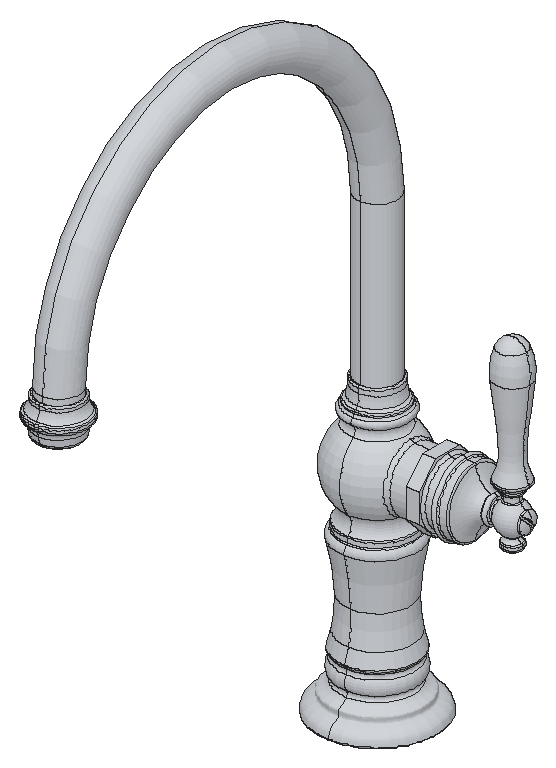
Revit family "Faucet-Kitchen_Sink-KOHLER-Artifacts-K-99263", category Plumbing Fixtures, host Face, Revit 2015
Parameters (values of type "CP-Polished Chrome")
  Width = 4 9/16"  # constant formula
  Waste Water Outlet = "Waste Water Outlet"  # constant formula
  Waste Connection = no
  Vent Connection = no
  URL = "https://www.us.kohler.com/us/"
  Type = 1
  Spout Reach = 8 1/2"  # constant formula
  Product Page URL = "http://www.us.kohler.com/us/catalog/productDetails.jsp?productNumber=99263"
  Product Name = "Artifacts"  # constant formula
  Product Documentation Link = "http://www.us.kohler.com/onlinecatalog/pdf/K-99263_spec.pdf"
  Pressure = 60.00 psi  # constant formula
  Model = if(Type = 1, "K-99263-CP", if(Type = 2, "K-99263-SN", if(Type = 3, "K-99263-VS", if(Type = 4, "K-99263-2BZ", "NA"))))  # "K-99263-CP"
  Material = "Premium Metal Construction"  # constant formula
  MasterFormat 2004 = "22.41.39"  # constant formula
  MasterFormat 1995 = "15410"  # constant formula
  Manufacturer Address = "444 Highland Dr, Kohler, WI 53044"  # constant formula
  Manufacturer = "KOHLER Co."  # constant formula
  Length = 10 7/16"  # constant formula
  Hot Water Inlet = "Hot Water Inlet"  # constant formula
  Height = 14 5/8"  # constant formula
  HW Connection = yes
  Flow Rate = 1.5 GPM  # constant formula
  Finish = Kohler-Metal-CP-Polished_Chrome
  Faucet Hole Spacing = 0"
  Environmental Product Declaration = ""
  Description = "Single-handle kitchen sink faucet with 14-11/16inch swing spout, Arc spout design"  # constant formula
  Default Elevation = 36"
  Declare Label = ""
  Date Modified = "02/15/2018"  # constant formula
  Date Created = "02/15/2018"  # constant formula
  Copyright = "Copyright KOHLER Co."  # constant formula
  Contact Us = "https://www.us.kohler.com/us/static/contact.jsp"
  Cold Water Inlet = "Cold Water Inlet"  # constant formula
  CW Connection = yes
  Assembly Code = "D2020"
  ADA Compliant = yes
Types (5): name | Type | Model | Finish
  (no name) | 1 | "K-99263-CP" | Kohler-Metal-CP-Polished_Chrome
  CP-Polished Chrome | 1 | "K-99263-CP" | Kohler-Metal-CP-Polished_Chrome
  SN-Vibrant Polished Nickel | 2 | "K-99263-SN" | Kohler-Metal-SN-Vibrant_Polished_Nickel
  VS-Vibrant Stainless | 3 | "K-99263-VS" | Kohler-Metal-VS-Vibrant_Stainless
  2BZ-Oil Rubbed Bronze | 4 | "K-99263-2BZ" | Kohler-Metal-2BZ-Oil_Rubbed_Bronze
Reference planes (in)
  plane 1 "Center (Front/Back)": y = 0
  plane 2: z = 0
  plane 3 "Center (Left/Right)": x = 0
  plane 4: y = 1.29905
  plane 5: y = -9.13845
  plane 6: x = -1.29905
  plane 7: x = 3.26345
  plane 8: z = 14.625
  plane 9: y = -8.5
Dimensions and locks (in)
  "Length": plane 5 to plane 4
  "Width": plane 6 to plane 7
  "Height": plane 8 to level
  "Spout Reach": plane 1 "Center (Front/Back)" to plane 9
  aligned and locked: plane 2 to host face
  aligned and locked: level to host face
Automatic sketch dimensions
  host sketch curve to host sketch curve = 96"  (x2)
Nested families (in)
  nested 1: "K-99263" at (0, 0, 0), type "K-99263"
Connectors (in)
  piping at (-0.41119, 0, 0), diameter 0.375, driven by "Flow Rate", driven by "Pressure", driven by "HW Connection", driven by "Hot Water Inlet"
    settings: on nested 1, index 1, connector inside diameter 24", connector length 0", flow factor 0, pipe flow 1.5 GPM, pressure drop 60.00 psi, fitting loss kfactor 0, connector angle 0.00°, fixture units 0, engagement length 0", angle of deflection 0.00°, flow configuration 1, flow direction 1, fitting loss method 4, system type 19, joint type 0, gender type 0, connector reference index -1, connector utility 1, adjustable connector no, is connector primary yes, connector description "Hot Water Inlet"
  piping at (0.41119, 0, 0), diameter 0.375, driven by "Flow Rate", driven by "Pressure", driven by "CW Connection", driven by "Cold Water Inlet"
    settings: on nested 1, index 2, connector inside diameter 24", connector length 0", flow factor 0, pipe flow 1.5 GPM, pressure drop 60.00 psi, fitting loss kfactor 0, connector angle 0.00°, fixture units 0, engagement length 0", angle of deflection 0.00°, flow configuration 1, flow direction 1, fitting loss method 4, system type 20, joint type 0, gender type 0, connector reference index -1, connector utility 1, adjustable connector no, is connector primary no, connector description "Cold Water Inlet"
Definition of nested family "K-99263"
  Parameters (values of type "K-99263")
    Material = none
  Reference planes (in)
    plane 1 "Center (Front/Back)": y = 0
    plane 2: z = 0
    plane 3 "Center (Left/Right)": x = 0
  Forms (in)
    Revolve 1, solid, material <- "Material"
      sketch origin (0, 0.00056, 0.56138) x (0, 1, 0) y (0, 0, 1)
        loop
          line (-8.03006, 9.23919) -> (-8.50056, 9.23919) -> (-8.50056, 8.47279) -> (-8.12571, 8.47279) -> (-8.12571, 8.43413) -> (-8.06191, 8.43413)
          arc (-8.06191, 8.43413) -> (-8.04662, 8.4368) -> (-8.03313, 8.44447) r 0.04523
          arc (-8.03313, 8.44447) -> (-8.01593, 8.46373) -> (-8.00528, 8.48727) r 0.08519
          arc (-8.00528, 8.48727) -> (-7.98898, 8.55914) -> (-7.97985, 8.63227) r 0.74608
          arc (-7.97985, 8.63227) -> (-7.94798, 8.72556) -> (-7.8747, 8.79151) r 0.19588
          arc (-7.8747, 8.79151) -> (-7.86254, 8.80287) -> (-7.85805, 8.8189) r 0.03086
          line (-7.85805, 8.8189) -> (-7.85805, 8.88279)
          arc (-7.85805, 8.88279) -> (-7.86268, 8.89725) -> (-7.87484, 8.90633) r 0.02489
          arc (-7.87484, 8.90633) -> (-7.89974, 8.91858) -> (-7.92081, 8.93663) r 0.1107
          arc (-7.92081, 8.93663) -> (-7.98141, 9.03492) -> (-8.00256, 9.14845) r 0.31528
          line (-8.00256, 9.14845) -> (-8.00256, 9.21168)
          arc (-8.00256, 9.21168) -> (-8.01062, 9.23113) -> (-8.03006, 9.23919) r 0.02751
        axis (-8.50056, 9.23919) -> (-8.50056, 8.43413)
      angle from 0 to 360
    Revolve 2, solid, material <- "Material"
      sketch origin (0, 0, 0.5581) x (0, 1, 0) y (0, 0, 1)
        loop
          line (0, -0.5581) -> (1.26696, -0.5581)
          arc (1.26696, -0.5581) -> (1.28555, -0.55607) -> (1.29905, -0.54314) r 0.02908
          spline (1.29905, -0.54314) -> (1.2826, -0.44526) -> (1.25921, -0.39412) -> (1.21437, -0.34417) -> (1.16097, -0.30361) -> (1.09645, -0.27203) -> (1.04234, -0.2496) -> (1.01889, -0.19977) -> (1.02834, -0.13279) -> (0.99826, -0.08729) -> (0.93782, -0.0555) -> (0.87895, -0.02012) -> (0.81751, 0.05375)
          arc (0.81751, 0.05375) -> (0.79358, 0.11584) -> (0.8238, 0.17513) r 0.08167
          arc (0.8238, 0.17513) -> (0.87083, 0.32997) -> (0.82122, 0.48399) r 0.27093
          arc (0.82122, 0.48399) -> (0.80153, 0.53999) -> (0.81828, 0.59693) r 0.09666
          line (0.81828, 0.59693) -> (0.85179, 0.64611)
          arc (0.85179, 0.64611) -> (0.85755, 0.66098) -> (0.85614, 0.67687) r 0.03514
          arc (0.85614, 0.67687) -> (0.80917, 0.83438) -> (0.77106, 0.99427) r 2.94557
          arc (0.77106, 0.99427) -> (0.71971, 1.34296) -> (0.71038, 1.6953) r 2.94557
          arc (0.71038, 1.6953) -> (0.76125, 2.24626) -> (0.8763, 2.78747) r 4.7161
          arc (0.8763, 2.78747) -> (0.87038, 2.88745) -> (0.80483, 2.96317) r 0.15578
          arc (0.80483, 2.96317) -> (0.79412, 2.97398) -> (0.7902, 2.98869) r 0.02958
          line (0.7902, 2.98869) -> (0.7902, 3.08368)
          arc (0.7902, 3.08368) -> (0.78702, 3.09903) -> (0.77799, 3.11185) r 0.03862
          arc (0.77799, 3.11185) -> (0.68786, 3.30549) -> (0.75673, 3.50767) r 0.28649
          arc (0.75673, 3.50767) -> (0.9957, 4.24505) -> (0.63745, 4.93243) r 1.00256
          arc (0.63745, 4.93243) -> (0.5827, 5.06058) -> (0.65474, 5.17987) r 0.15279
          arc (0.65474, 5.17987) -> (0.69341, 5.25429) -> (0.64633, 5.3237) r 0.08189
          arc (0.64633, 5.3237) -> (0.61961, 5.34716) -> (0.60967, 5.3813) r 0.06358
          line (0.60967, 5.3813) -> (0.60967, 5.41519)
          arc (0.60967, 5.41519) -> (0.60295, 5.43371) -> (0.58592, 5.44361) r 0.02887
          arc (0.58592, 5.44361) -> (0.54724, 5.46322) -> (0.52572, 5.50086) r 0.07554
          arc (0.52572, 5.50086) -> (0.50632, 5.61313) -> (0.49982, 5.72688) r 0.99892
          line (0.49982, 5.72688) -> (0.49982, 5.8333)
          arc (0.49982, 5.8333) -> (0.49144, 5.85352) -> (0.47122, 5.8619) r 0.0286
          line (0.47122, 5.8619) -> (0, 5.8619) -> (0, -0.5581)
        axis (0, 5.8619) -> (0, -0.5581)
      angle from 0 to 360
    Revolve 3, solid, material <- "Material"
      sketch origin (-5.75, 0, 0.5581) x (1, 0, 0) y (0, 0, 1)
        loop
          line (8.8324, 4.38765) -> (8.8324, 4.16407) -> (9.02944, 4.16407)
          arc (9.02944, 4.16407) -> (9.01381, 4.28) -> (8.96805, 4.38765) r 0.43789
          line (8.96805, 4.38765) -> (8.8324, 4.38765)
        loop
          line (6.42396, 4.88858) -> (6.42396, 4.16407) -> (8.2952, 4.16407) -> (8.35506, 4.16407) -> (8.35506, 4.36668) -> (8.2952, 4.36668) -> (8.2952, 4.41507)
          arc (8.2952, 4.41507) -> (8.25611, 4.46064) -> (8.20101, 4.43682) r 0.05061
          arc (8.20101, 4.43682) -> (8.18891, 4.42741) -> (8.17411, 4.42346) r 0.03855
          spline (8.17411, 4.42346) -> (8.12376, 4.4409) -> (8.07838, 4.4663) -> (8.04319, 4.49009) -> (8.01652, 4.51776) -> (7.98897, 4.55038) -> (7.96525, 4.58125) -> (7.94262, 4.61738) -> (7.92367, 4.65405) -> (7.90456, 4.69556) -> (7.88346, 4.74406) -> (7.86613, 4.79403) -> (7.84432, 4.88261)
          arc (7.84432, 4.88261) -> (7.8399, 4.90014) -> (7.82526, 4.91073) r 0.02642
          line (7.82526, 4.91073) -> (7.66085, 4.91073)
          arc (7.66085, 4.91073) -> (7.64387, 4.91446) -> (7.63214, 4.92731) r 0.02877
          arc (7.63214, 4.92731) -> (7.57954, 4.96094) -> (7.52694, 4.92731) r 0.05795
          line (7.52694, 4.92731) -> (7.52694, 4.83635) -> (7.31436, 4.84378)
          arc (7.31436, 4.84378) -> (7.27214, 4.86257) -> (7.25483, 4.90542) r 0.06168
          line (7.25483, 4.90542) -> (7.25483, 5.01325) -> (6.98058, 5.01325) -> (6.98058, 4.83062) -> (6.55537, 4.84547)
          arc (6.55537, 4.84547) -> (6.48661, 4.85769) -> (6.42396, 4.88858) r 0.24838
        axis (6.42396, 4.16407) -> (9.02944, 4.16407)
      angle from 0 to 360
    Revolve 4, solid, material <- "Material"
      sketch origin (-5.76563, 0, 0.5581) x (1, 0, 0) y (0, 0, 1)
        loop
          line (8.64982, 4.8849) -> (8.64982, 7.6079)
          arc (8.64982, 7.6079) -> (8.47033, 7.54846) -> (8.35309, 7.40012) r 0.32937
          arc (8.35309, 7.40012) -> (8.27703, 7.11266) -> (8.27092, 6.81538) r 1.25185
          spline (8.27092, 6.81538) -> (8.30118, 6.53354) -> (8.33234, 6.28131) -> (8.36055, 6.08106) -> (8.38202, 5.93763) -> (8.39317, 5.83741) -> (8.39843, 5.74169) -> (8.40801, 5.61052) -> (8.4127, 5.51168) -> (8.41944, 5.37863) -> (8.41019, 5.25029) -> (8.39267, 5.13344) -> (8.30022, 4.8849)
          arc (8.30022, 4.8849) -> (8.28998, 4.86182) -> (8.29606, 4.83731) r 0.03892
          arc (8.29606, 4.83731) -> (8.35122, 4.7758) -> (8.42274, 4.73441) r 0.2632
          line (8.42274, 4.73441) -> (8.42274, 4.68049)
          arc (8.42274, 4.68049) -> (8.42839, 4.66603) -> (8.44233, 4.65922) r 0.02134
          arc (8.44233, 4.65922) -> (8.47164, 4.64715) -> (8.4886, 4.62037) r 0.05228
          arc (8.4886, 4.62037) -> (8.49878, 4.55965) -> (8.49791, 4.49809) r 0.34202
          arc (8.49791, 4.49809) -> (8.49131, 4.47952) -> (8.47695, 4.46601) r 0.04191
          arc (8.47695, 4.46601) -> (8.30018, 4.1492) -> (8.49918, 3.84586) r 0.35004
          arc (8.49918, 3.84586) -> (8.51709, 3.83072) -> (8.5253, 3.80875) r 0.04633
          arc (8.5253, 3.80875) -> (8.5084, 3.74342) -> (8.45303, 3.70485) r 0.09716
          arc (8.45303, 3.70485) -> (8.4399, 3.6962) -> (8.43482, 3.68132) r 0.02431
          line (8.43482, 3.68132) -> (8.43482, 3.61971)
          arc (8.43482, 3.61971) -> (8.43983, 3.60549) -> (8.45264, 3.59755) r 0.02268
          arc (8.45264, 3.59755) -> (8.47178, 3.59129) -> (8.48929, 3.58136) r 0.10079
          arc (8.48929, 3.58136) -> (8.51717, 3.55995) -> (8.54331, 3.53644) r 0.45307
          arc (8.54331, 3.53644) -> (8.56853, 3.51394) -> (8.59557, 3.49369) r 0.39479
          arc (8.59557, 3.49369) -> (8.62143, 3.48119) -> (8.64982, 3.4769) r 0.09607
          line (8.64982, 3.4769) -> (8.64982, 4.8849)
        axis (8.64982, 7.6079) -> (8.64982, 3.4769)
      angle from 0 to 360
    Sweep 5, solid, material <- "Material"
      path origin (-5.79599, 0.00355, 0.55818) x (0, 1, 0) y (0, 0, 1)
        loop
          line (-0.00355, 5.73151) -> (-0.00355, 9.36779)
          arc (-0.00355, 9.36779) -> (-4.25355, 13.61779) -> (-8.50355, 9.36779) r 4.25
          line (-8.50355, 9.36779) -> (-8.50355, 9.05143)
      profile origin (-5.79599, 0, 8.10783) x (0, -1, 0) y (1, 0, 0)
        loop
          circle (0.00405, 5.79599) r 0.4375
    Extrusion 6, void
      sketch origin (0, 0, 0) x (0, 1, 0) y (0, 0, 1)
        loop
          line (0.2504, 4.51379) -> (-0.20099, 4.96518) -> (-0.24518, 4.92099) -> (0.20621, 4.4696) -> (0.2504, 4.51379)
      from 3.1998 to 3.29872
    Extrusion 7, void
      sketch origin (0, 0, 0) x (0, 1, 0) y (0, 0, 1)
        loop
          line (-0.31205, 5.47335) -> (-0.75335, 5.03205) -> (-0.75335, 4.40795) -> (-0.31205, 3.96665) -> (0.31205, 3.96665) -> (0.75335, 4.40795) -> (0.75335, 5.03205) -> (0.31205, 5.47335) -> (-0.31205, 5.47335)
        loop
          circle (0, 4.72218) r 0.90225
      from 1.1939 to 1.5365
    Extrusion 8, solid, material <- "Material", detail levels medium+fine
      sketch origin (0, 0, 0) x (1, 0, 0) y (0, 1, 0)
        loop
          circle (0.41119, 0) r 0.1875
        loop
          circle (-0.41119, 0) r 0.1875
      from 0 to 0.06661
  Cuts and joins
    Extrusion 6, Extrusion 7 cuts Revolve 3
    joined: Revolve 1, Revolve 2, Revolve 4, Sweep 5
  Lines and regions (in)
    Masking region 1
      outline origin (0, 0, 0) x (1, 0, 0) y (0, 0, 1)
        loop
          line (-0.4375, 9.80056) -> (-0.47049, 9.80056)
          arc (-0.47049, 9.80056) -> (-0.48994, 9.79251) -> (-0.498, 9.77306) r 0.02751
          line (-0.498, 9.77306) -> (-0.498, 9.70982)
          arc (-0.498, 9.70982) -> (-0.51915, 9.5963) -> (-0.57975, 9.49801) r 0.31528
          arc (-0.57975, 9.49801) -> (-0.60082, 9.47995) -> (-0.62572, 9.4677) r 0.1107
          arc (-0.62572, 9.4677) -> (-0.63788, 9.45862) -> (-0.64251, 9.44417) r 0.02489
          line (-0.64251, 9.44417) -> (-0.64251, 9.38028)
          arc (-0.64251, 9.38028) -> (-0.63802, 9.36425) -> (-0.62586, 9.35288) r 0.03086
          arc (-0.62586, 9.35288) -> (-0.55258, 9.28693) -> (-0.52071, 9.19365) r 0.19588
          arc (-0.52071, 9.19365) -> (-0.51158, 9.12051) -> (-0.49527, 9.04864) r 0.74608
          arc (-0.49527, 9.04864) -> (-0.48463, 9.02511) -> (-0.46743, 9.00584) r 0.08519
          arc (-0.46743, 9.00584) -> (-0.45394, 8.99817) -> (-0.43865, 8.99551) r 0.04523
          line (-0.43865, 8.99551) -> (-0.43865, 6.42) -> (-0.47122, 6.42)
          arc (-0.47122, 6.42) -> (-0.49144, 6.41162) -> (-0.49982, 6.3914) r 0.0286
          line (-0.49982, 6.3914) -> (-0.49982, 6.28498)
          arc (-0.49982, 6.28498) -> (-0.50632, 6.17123) -> (-0.52572, 6.05897) r 0.99892
          arc (-0.52572, 6.05897) -> (-0.54724, 6.02132) -> (-0.58592, 6.00171) r 0.07554
          arc (-0.58592, 6.00171) -> (-0.60295, 5.99182) -> (-0.60967, 5.9733) r 0.02887
          line (-0.60967, 5.9733) -> (-0.60967, 5.9394)
          arc (-0.60967, 5.9394) -> (-0.61961, 5.90527) -> (-0.64633, 5.8818) r 0.06358
          arc (-0.64633, 5.8818) -> (-0.69341, 5.81239) -> (-0.65474, 5.73797) r 0.08189
          arc (-0.65474, 5.73797) -> (-0.5827, 5.61868) -> (-0.63745, 5.49054) r 0.15279
          arc (-0.63745, 5.49054) -> (-0.9957, 4.80315) -> (-0.75673, 4.06577) r 1.00256
          arc (-0.75673, 4.06577) -> (-0.68786, 3.86359) -> (-0.77799, 3.66995) r 0.28649
          arc (-0.77799, 3.66995) -> (-0.78702, 3.65713) -> (-0.7902, 3.64178) r 0.03862
          line (-0.7902, 3.64178) -> (-0.7902, 3.5468)
          arc (-0.7902, 3.5468) -> (-0.79412, 3.53209) -> (-0.80483, 3.52127) r 0.02958
          arc (-0.80483, 3.52127) -> (-0.87038, 3.44556) -> (-0.8763, 3.34558) r 0.15578
          arc (-0.8763, 3.34558) -> (-0.76125, 2.80437) -> (-0.71038, 2.25341) r 4.7161
          arc (-0.71038, 2.25341) -> (-0.71971, 1.90107) -> (-0.77106, 1.55237) r 2.94557
          arc (-0.77106, 1.55237) -> (-0.80917, 1.39249) -> (-0.85614, 1.23498) r 2.94557
          arc (-0.85614, 1.23498) -> (-0.85755, 1.21909) -> (-0.85179, 1.20421) r 0.03514
          line (-0.85179, 1.20421) -> (-0.81828, 1.15504)
          arc (-0.81828, 1.15504) -> (-0.80153, 1.09809) -> (-0.82122, 1.0421) r 0.09666
          arc (-0.82122, 1.0421) -> (-0.87083, 0.88807) -> (-0.8238, 0.73324) r 0.27093
          arc (-0.8238, 0.73324) -> (-0.79358, 0.67395) -> (-0.81751, 0.61185) r 0.08167
          spline (-0.81751, 0.61185) -> (-0.87895, 0.53798) -> (-0.93782, 0.5026) -> (-0.99826, 0.47081) -> (-1.02834, 0.42531) -> (-1.01889, 0.35833) -> (-1.04234, 0.3085) -> (-1.09645, 0.28607) -> (-1.16097, 0.25449) -> (-1.21437, 0.21393) -> (-1.25921, 0.16399) -> (-1.2826, 0.11285) -> (-1.29905, 0.01496)
          arc (-1.29905, 0.01496) -> (-1.28555, 0.00204) -> (-1.26696, 0) r 0.02908
          line (-1.26696, 0) -> (1.26696, 0)
          arc (1.26696, 0) -> (1.28555, 0.00204) -> (1.29905, 0.01496) r 0.02908
          spline (1.29905, 0.01496) -> (1.2826, 0.11285) -> (1.25921, 0.16399) -> (1.21437, 0.21393) -> (1.16097, 0.25449) -> (1.09645, 0.28607) -> (1.04234, 0.3085) -> (1.01889, 0.35833) -> (1.02834, 0.42531) -> (0.99826, 0.47081) -> (0.93782, 0.5026) -> (0.87895, 0.53798) -> (0.81751, 0.61185)
          arc (0.81751, 0.61185) -> (0.79358, 0.67395) -> (0.8238, 0.73324) r 0.08167
          arc (0.8238, 0.73324) -> (0.87083, 0.88807) -> (0.82122, 1.0421) r 0.27093
          arc (0.82122, 1.0421) -> (0.80153, 1.09809) -> (0.81828, 1.15504) r 0.09666
          line (0.81828, 1.15504) -> (0.85179, 1.20421)
          arc (0.85179, 1.20421) -> (0.85755, 1.21909) -> (0.85614, 1.23498) r 0.03514
          arc (0.85614, 1.23498) -> (0.80917, 1.39249) -> (0.77106, 1.55237) r 2.94557
          arc (0.77106, 1.55237) -> (0.71971, 1.90107) -> (0.71038, 2.25341) r 2.94557
          arc (0.71038, 2.25341) -> (0.76125, 2.80437) -> (0.8763, 3.34558) r 4.7161
          arc (0.8763, 3.34558) -> (0.87038, 3.44556) -> (0.80483, 3.52127) r 0.15578
          arc (0.80483, 3.52127) -> (0.79412, 3.53209) -> (0.7902, 3.5468) r 0.02958
          line (0.7902, 3.5468) -> (0.7902, 3.64178)
          arc (0.7902, 3.64178) -> (0.78702, 3.65713) -> (0.77799, 3.66995) r 0.03862
          arc (0.77799, 3.66995) -> (0.69027, 3.83886) -> (0.72774, 4.02546) r 0.28649
          arc (0.72774, 4.02546) -> (0.76594, 4.03623) -> (0.80537, 4.04078) r 0.24838
          line (0.80537, 4.04078) -> (1.23058, 4.05563) -> (1.23058, 3.96612) -> (1.50661, 3.96612)
          arc (1.50661, 3.96612) -> (1.51732, 4.01803) -> (1.56436, 4.04247) r 0.06168
          line (1.56436, 4.04247) -> (1.77694, 4.04989) -> (1.77694, 3.95894)
          arc (1.77694, 3.95894) -> (1.82954, 3.92531) -> (1.88214, 3.95894) r 0.05795
          arc (1.88214, 3.95894) -> (1.89387, 3.97178) -> (1.91085, 3.97552) r 0.02877
          line (1.91085, 3.97552) -> (2.07526, 3.97552)
          arc (2.07526, 3.97552) -> (2.0899, 3.98611) -> (2.09432, 4.00364) r 0.02642
          spline (2.09432, 4.00364) -> (2.11613, 4.09222) -> (2.13346, 4.14218) -> (2.15456, 4.19068) -> (2.17367, 4.2322) -> (2.19262, 4.26887) -> (2.21525, 4.305) -> (2.23897, 4.33586) -> (2.26652, 4.36848) -> (2.29319, 4.39616) -> (2.32838, 4.41995) -> (2.37376, 4.44534) -> (2.42411, 4.46279)
          arc (2.42411, 4.46279) -> (2.43891, 4.45883) -> (2.45101, 4.44943) r 0.03855
          arc (2.45101, 4.44943) -> (2.50611, 4.4256) -> (2.5452, 4.47117) r 0.05061
          line (2.5452, 4.47117) -> (2.5452, 4.51957) -> (2.59729, 4.51957)
          arc (2.59729, 4.51957) -> (2.65792, 4.45292) -> (2.73355, 4.40396) r 0.35004
          arc (2.73355, 4.40396) -> (2.75147, 4.38882) -> (2.75968, 4.36685) r 0.04633
          arc (2.75968, 4.36685) -> (2.74278, 4.30152) -> (2.68741, 4.26296) r 0.09716
          arc (2.68741, 4.26296) -> (2.67428, 4.2543) -> (2.6692, 4.23942) r 0.02431
          line (2.6692, 4.23942) -> (2.6692, 4.17781)
          arc (2.6692, 4.17781) -> (2.6742, 4.16359) -> (2.68702, 4.15565) r 0.02268
          arc (2.68702, 4.15565) -> (2.70615, 4.1494) -> (2.72366, 4.13947) r 0.10079
          arc (2.72366, 4.13947) -> (2.75155, 4.11805) -> (2.77769, 4.09454) r 0.45307
          arc (2.77769, 4.09454) -> (2.8029, 4.07205) -> (2.82995, 4.05179) r 0.39479
          arc (2.82995, 4.05179) -> (2.8558, 4.0393) -> (2.8842, 4.03501) r 0.09607
          arc (2.8842, 4.03501) -> (2.91259, 4.0393) -> (2.93845, 4.05179) r 0.09607
          arc (2.93845, 4.05179) -> (2.96549, 4.07205) -> (2.9907, 4.09454) r 0.39479
          arc (2.9907, 4.09454) -> (3.01685, 4.11805) -> (3.04473, 4.13947) r 0.45307
          arc (3.04473, 4.13947) -> (3.06224, 4.1494) -> (3.08137, 4.15565) r 0.10079
          arc (3.08137, 4.15565) -> (3.09419, 4.16359) -> (3.0992, 4.17781) r 0.02268
          line (3.0992, 4.17781) -> (3.0992, 4.23942)
          arc (3.0992, 4.23942) -> (3.09411, 4.2543) -> (3.08099, 4.26296) r 0.02431
          arc (3.08099, 4.26296) -> (3.02562, 4.30152) -> (3.00872, 4.36685) r 0.09716
          arc (3.00872, 4.36685) -> (3.01692, 4.38882) -> (3.03484, 4.40396) r 0.04633
          arc (3.03484, 4.40396) -> (3.1003, 4.44461) -> (3.15527, 4.49859) r 0.35004
          line (3.15527, 4.49859) -> (3.21805, 4.49859)
          arc (3.21805, 4.49859) -> (3.26381, 4.60625) -> (3.27944, 4.72218) r 0.43789
          arc (3.27944, 4.72218) -> (3.26381, 4.8381) -> (3.21805, 4.94576) r 0.43789
          line (3.21805, 4.94576) -> (3.1514, 4.94576)
          arc (3.1514, 4.94576) -> (3.10769, 4.9891) -> (3.05707, 5.02412) r 0.35004
          arc (3.05707, 5.02412) -> (3.04271, 5.03762) -> (3.03611, 5.05619) r 0.04191
          arc (3.03611, 5.05619) -> (3.03524, 5.11775) -> (3.04542, 5.17847) r 0.34202
          arc (3.04542, 5.17847) -> (3.06238, 5.20526) -> (3.09169, 5.21732) r 0.05228
          arc (3.09169, 5.21732) -> (3.10563, 5.22413) -> (3.11128, 5.23859) r 0.02134
          line (3.11128, 5.23859) -> (3.11128, 5.29252)
          arc (3.11128, 5.29252) -> (3.1828, 5.3339) -> (3.23796, 5.39542) r 0.2632
          arc (3.23796, 5.39542) -> (3.24404, 5.41992) -> (3.2338, 5.443) r 0.03892
          spline (3.2338, 5.443) -> (3.14135, 5.69154) -> (3.12383, 5.8084) -> (3.11458, 5.93674) -> (3.12131, 6.06978) -> (3.12601, 6.16862) -> (3.13559, 6.2998) -> (3.14085, 6.39551) -> (3.152, 6.49574) -> (3.17347, 6.63916) -> (3.20168, 6.83941) -> (3.23283, 7.09165) -> (3.2631, 7.37348)
          arc (3.2631, 7.37348) -> (3.25698, 7.67077) -> (3.18093, 7.95822) r 1.25185
          arc (3.18093, 7.95822) -> (3.06369, 8.10657) -> (2.8842, 8.166) r 0.32937
          arc (2.8842, 8.166) -> (2.7047, 8.10657) -> (2.58746, 7.95822) r 0.32937
          arc (2.58746, 7.95822) -> (2.51141, 7.67077) -> (2.5053, 7.37348) r 1.25185
          spline (2.5053, 7.37348) -> (2.53556, 7.09165) -> (2.56671, 6.83941) -> (2.59493, 6.63916) -> (2.6164, 6.49574) -> (2.62754, 6.39551) -> (2.6328, 6.2998) -> (2.64238, 6.16862) -> (2.64708, 6.06978) -> (2.65381, 5.93674) -> (2.64456, 5.8084) -> (2.62704, 5.69154) -> (2.5346, 5.443)
          arc (2.5346, 5.443) -> (2.52436, 5.41992) -> (2.53043, 5.39542) r 0.03892
          arc (2.53043, 5.39542) -> (2.5856, 5.3339) -> (2.65712, 5.29252) r 0.2632
          line (2.65712, 5.29252) -> (2.65712, 5.23859)
          arc (2.65712, 5.23859) -> (2.66276, 5.22413) -> (2.6767, 5.21732) r 0.02134
          arc (2.6767, 5.21732) -> (2.70602, 5.20526) -> (2.72297, 5.17847) r 0.05228
          arc (2.72297, 5.17847) -> (2.73315, 5.11775) -> (2.73229, 5.05619) r 0.34202
          arc (2.73229, 5.05619) -> (2.72568, 5.03762) -> (2.71132, 5.02412) r 0.04191
          arc (2.71132, 5.02412) -> (2.65062, 4.9804) -> (2.6006, 4.92478) r 0.35004
          line (2.6006, 4.92478) -> (2.5452, 4.92478) -> (2.5452, 4.97318)
          arc (2.5452, 4.97318) -> (2.50611, 5.01875) -> (2.45101, 4.99492) r 0.05061
          arc (2.45101, 4.99492) -> (2.43891, 4.98552) -> (2.42411, 4.98156) r 0.03855
          spline (2.42411, 4.98156) -> (2.37376, 4.99901) -> (2.32838, 5.0244) -> (2.29319, 5.04819) -> (2.26652, 5.07587) -> (2.23897, 5.10849) -> (2.21525, 5.13935) -> (2.19262, 5.17548) -> (2.17367, 5.21215) -> (2.15456, 5.25367) -> (2.13346, 5.30217) -> (2.11613, 5.35213) -> (2.09432, 5.44071)
          arc (2.09432, 5.44071) -> (2.0899, 5.45824) -> (2.07526, 5.46883) r 0.02642
          line (2.07526, 5.46883) -> (1.91085, 5.46883)
          arc (1.91085, 5.46883) -> (1.89387, 5.47257) -> (1.88214, 5.48541) r 0.02877
          arc (1.88214, 5.48541) -> (1.82954, 5.51904) -> (1.77694, 5.48541) r 0.05795
          line (1.77694, 5.48541) -> (1.77694, 5.39446) -> (1.56436, 5.40188)
          arc (1.56436, 5.40188) -> (1.51886, 5.42436) -> (1.50562, 5.47335) r 0.06168
          line (1.50562, 5.47335) -> (1.23058, 5.47335) -> (1.23058, 5.38872) -> (0.80537, 5.40357)
          arc (0.80537, 5.40357) -> (0.75423, 5.41073) -> (0.70568, 5.4283) r 0.24838
          arc (0.70568, 5.4283) -> (0.67229, 5.4602) -> (0.63745, 5.49054) r 1.00256
          arc (0.63745, 5.49054) -> (0.5827, 5.61868) -> (0.65474, 5.73797) r 0.15279
          arc (0.65474, 5.73797) -> (0.69341, 5.81239) -> (0.64633, 5.8818) r 0.08189
          arc (0.64633, 5.8818) -> (0.61961, 5.90527) -> (0.60967, 5.9394) r 0.06358
          line (0.60967, 5.9394) -> (0.60967, 5.9733)
          arc (0.60967, 5.9733) -> (0.60295, 5.99182) -> (0.58592, 6.00171) r 0.02887
          arc (0.58592, 6.00171) -> (0.54724, 6.02132) -> (0.52572, 6.05897) r 0.07554
          arc (0.52572, 6.05897) -> (0.50632, 6.17123) -> (0.49982, 6.28498) r 0.99892
          line (0.49982, 6.28498) -> (0.49982, 6.3914)
          arc (0.49982, 6.3914) -> (0.49144, 6.41162) -> (0.47122, 6.42) r 0.0286
          line (0.47122, 6.42) -> (0.43865, 6.42) -> (0.43865, 8.99551)
          arc (0.43865, 8.99551) -> (0.45394, 8.99817) -> (0.46743, 9.00584) r 0.04523
          arc (0.46743, 9.00584) -> (0.48463, 9.02511) -> (0.49527, 9.04864) r 0.08519
          arc (0.49527, 9.04864) -> (0.51158, 9.12051) -> (0.52071, 9.19365) r 0.74608
          arc (0.52071, 9.19365) -> (0.55258, 9.28693) -> (0.62586, 9.35288) r 0.19588
          arc (0.62586, 9.35288) -> (0.63802, 9.36425) -> (0.64251, 9.38028) r 0.03086
          line (0.64251, 9.38028) -> (0.64251, 9.44417)
          arc (0.64251, 9.44417) -> (0.63788, 9.45862) -> (0.62572, 9.4677) r 0.02489
          arc (0.62572, 9.4677) -> (0.60082, 9.47995) -> (0.57975, 9.49801) r 0.1107
          arc (0.57975, 9.49801) -> (0.51915, 9.5963) -> (0.498, 9.70982) r 0.31528
          line (0.498, 9.70982) -> (0.498, 9.77306)
          arc (0.498, 9.77306) -> (0.48994, 9.79251) -> (0.47049, 9.80056) r 0.02751
          line (0.47049, 9.80056) -> (0.4375, 9.80056) -> (0.4375, 14.17186)
          arc (0.4375, 14.17186) -> (0, 14.60936) -> (-0.4375, 14.17186) r 0.4375
          line (-0.4375, 14.17186) -> (-0.4375, 9.80056)
    Masking region 2
      outline origin (0, 0, 0) x (1, 0, 0) y (0, 1, 0)
        loop
          line (-0.4376, -1.22313) -> (-0.4376, -8.02485)
          arc (-0.4376, -8.02485) -> (0, -9.13895) -> (0.4376, -8.02485) r 0.64299
          line (0.4376, -8.02485) -> (0.4376, -1.22313)
          arc (0.4376, -1.22313) -> (0.82253, -1.00548) -> (1.11215, -0.67131) r 1.29905
          line (1.11215, -0.67131) -> (1.23058, -0.66655) -> (1.23058, -0.75335) -> (1.50492, -0.75335)
          arc (1.50492, -0.75335) -> (1.51665, -0.70392) -> (1.56159, -0.68021) r 0.06145
          line (1.56159, -0.68021) -> (1.77694, -0.67196) -> (1.77694, -0.76324)
          arc (1.77694, -0.76324) -> (1.82954, -0.79683) -> (1.88214, -0.76324) r 0.05798
          arc (1.88214, -0.76324) -> (1.89387, -0.7504) -> (1.91085, -0.74666) r 0.02881
          line (1.91085, -0.74666) -> (2.07526, -0.74666)
          arc (2.07526, -0.74666) -> (2.08996, -0.7361) -> (2.09432, -0.71854) r 0.0262
          spline (2.09432, -0.71854) -> (2.14803, -0.57184) -> (2.17767, -0.49317) -> (2.19199, -0.4586) -> (2.19973, -0.44424) -> (2.20889, -0.42937) -> (2.22364, -0.40861) -> (2.24683, -0.38134) -> (2.27583, -0.35078) -> (2.30221, -0.32416) -> (2.32221, -0.30611) -> (2.3545, -0.28845) -> (2.42411, -0.25939)
          arc (2.42411, -0.25939) -> (2.43991, -0.26343) -> (2.45209, -0.27427) r 0.03451
          arc (2.45209, -0.27427) -> (2.50699, -0.29603) -> (2.5452, -0.251) r 0.05065
          line (2.5452, -0.251) -> (2.5452, -0.18304)
          arc (2.5452, -0.18304) -> (2.85949, -0.38381) -> (3.19626, -0.22358) r 0.38455
          arc (3.19626, -0.22358) -> (3.21299, -0.22084) -> (3.22584, -0.20979) r 0.03132
          arc (3.22584, -0.20979) -> (3.27893, 0) -> (3.22584, 0.20979) r 0.441
          arc (3.22584, 0.20979) -> (3.21299, 0.22084) -> (3.19626, 0.22358) r 0.03132
          arc (3.19626, 0.22358) -> (2.85949, 0.38381) -> (2.5452, 0.18304) r 0.38455
          line (2.5452, 0.18304) -> (2.5452, 0.251)
          arc (2.5452, 0.251) -> (2.50699, 0.29603) -> (2.45209, 0.27427) r 0.05065
          arc (2.45209, 0.27427) -> (2.43991, 0.26343) -> (2.42411, 0.25939) r 0.03451
          spline (2.42411, 0.25939) -> (2.3545, 0.28845) -> (2.32221, 0.30611) -> (2.30221, 0.32416) -> (2.27583, 0.35078) -> (2.24683, 0.38134) -> (2.22364, 0.40861) -> (2.20889, 0.42937) -> (2.19973, 0.44424) -> (2.19199, 0.4586) -> (2.17767, 0.49317) -> (2.14803, 0.57184) -> (2.09432, 0.71854)
          arc (2.09432, 0.71854) -> (2.08996, 0.7361) -> (2.07526, 0.74666) r 0.0262
          line (2.07526, 0.74666) -> (1.91085, 0.74666)
          arc (1.91085, 0.74666) -> (1.89387, 0.7504) -> (1.88214, 0.76324) r 0.02881
          arc (1.88214, 0.76324) -> (1.82954, 0.79683) -> (1.77694, 0.76324) r 0.05798
          line (1.77694, 0.76324) -> (1.77694, 0.67196) -> (1.56159, 0.68021)
          arc (1.56159, 0.68021) -> (1.51665, 0.70392) -> (1.50492, 0.75335) r 0.06145
          line (1.50492, 0.75335) -> (1.23058, 0.75335) -> (1.23058, 0.66655) -> (1.11215, 0.67131)
          arc (1.11215, 0.67131) -> (0.63854, 1.13128) -> (0, 1.29905) r 1.29905
          arc (0, 1.29905) -> (-1.27993, 0.22207) -> (-0.4376, -1.22313) r 1.29905
    Masking region 3
      outline origin (0, 0, 0) x (0, 1, 0) y (0, 0, 1)
        loop
          line (0, 0.00069) -> (1.26696, 0.00069)
          arc (1.26696, 0.00069) -> (1.28555, 0.00273) -> (1.29905, 0.01565) r 0.02908
          spline (1.29905, 0.01565) -> (1.2826, 0.11353) -> (1.25921, 0.16468) -> (1.21437, 0.21462) -> (1.16097, 0.25518) -> (1.09645, 0.28676) -> (1.04234, 0.30919) -> (1.01889, 0.35902) -> (1.02834, 0.426) -> (0.99826, 0.4715) -> (0.93782, 0.50329) -> (0.87895, 0.53867) -> (0.81751, 0.61254)
          arc (0.81751, 0.61254) -> (0.79358, 0.67464) -> (0.8238, 0.73393) r 0.08167
          arc (0.8238, 0.73393) -> (0.87083, 0.88876) -> (0.82122, 1.04279) r 0.27093
          arc (0.82122, 1.04279) -> (0.80153, 1.09878) -> (0.81828, 1.15572) r 0.09666
          line (0.81828, 1.15572) -> (0.85179, 1.2049)
          arc (0.85179, 1.2049) -> (0.85755, 1.21978) -> (0.85614, 1.23567) r 0.03514
          arc (0.85614, 1.23567) -> (0.80917, 1.39318) -> (0.77106, 1.55306) r 2.94557
          arc (0.77106, 1.55306) -> (0.71971, 1.90176) -> (0.71038, 2.25409) r 2.94557
          arc (0.71038, 2.25409) -> (0.76125, 2.80506) -> (0.8763, 3.34627) r 4.7161
          arc (0.8763, 3.34627) -> (0.87038, 3.44624) -> (0.80483, 3.52196) r 0.15578
          arc (0.80483, 3.52196) -> (0.79412, 3.53277) -> (0.7902, 3.54748) r 0.02958
          line (0.7902, 3.54748) -> (0.7902, 3.64247)
          arc (0.7902, 3.64247) -> (0.78702, 3.65782) -> (0.77799, 3.67064) r 0.03862
          arc (0.77799, 3.67064) -> (0.68786, 3.86428) -> (0.75673, 4.06646) r 0.28649
          arc (0.75673, 4.06646) -> (0.9957, 4.80384) -> (0.63745, 5.49123) r 1.00256
          arc (0.63745, 5.49123) -> (0.5827, 5.61937) -> (0.65474, 5.73866) r 0.15279
          arc (0.65474, 5.73866) -> (0.69341, 5.81308) -> (0.64633, 5.88249) r 0.08189
          arc (0.64633, 5.88249) -> (0.61961, 5.90595) -> (0.60967, 5.94009) r 0.06358
          line (0.60967, 5.94009) -> (0.60967, 5.97399)
          arc (0.60967, 5.97399) -> (0.60295, 5.99251) -> (0.58592, 6.0024) r 0.02887
          arc (0.58592, 6.0024) -> (0.54724, 6.02201) -> (0.52572, 6.05966) r 0.07554
          arc (0.52572, 6.05966) -> (0.50632, 6.17192) -> (0.49982, 6.28567) r 0.99892
          line (0.49982, 6.28567) -> (0.49982, 6.39209)
          arc (0.49982, 6.39209) -> (0.4891, 6.41441) -> (0.46498, 6.42) r 0.0286
          line (0.46498, 6.42) -> (0.43036, 6.42) -> (0.43036, 9.93006)
          arc (0.43036, 9.93006) -> (-4.25165, 14.61207) -> (-8.93366, 9.93006) r 4.68201
          line (-8.93366, 9.93006) -> (-8.93366, 9.80056) -> (-8.97049, 9.80056)
          arc (-8.97049, 9.80056) -> (-8.98994, 9.79251) -> (-8.998, 9.77306) r 0.02751
          line (-8.998, 9.77306) -> (-8.998, 9.70982)
          arc (-8.998, 9.70982) -> (-9.01915, 9.5963) -> (-9.07975, 9.49801) r 0.31528
          arc (-9.07975, 9.49801) -> (-9.10082, 9.47995) -> (-9.12572, 9.4677) r 0.1107
          arc (-9.12572, 9.4677) -> (-9.13788, 9.45862) -> (-9.14251, 9.44417) r 0.02489
          line (-9.14251, 9.44417) -> (-9.14251, 9.38028)
          arc (-9.14251, 9.38028) -> (-9.13802, 9.36425) -> (-9.12586, 9.35288) r 0.03086
          arc (-9.12586, 9.35288) -> (-9.05258, 9.28693) -> (-9.02071, 9.19365) r 0.19588
          arc (-9.02071, 9.19365) -> (-9.01158, 9.12051) -> (-8.99527, 9.04864) r 0.74608
          arc (-8.99527, 9.04864) -> (-8.97904, 9.01747) -> (-8.9516, 8.99551) r 0.08519
          line (-8.9516, 8.99551) -> (-8.04657, 8.99551)
          arc (-8.04657, 8.99551) -> (-8.01913, 9.01747) -> (-8.0029, 9.04864) r 0.08519
          arc (-8.0029, 9.04864) -> (-7.98659, 9.12051) -> (-7.97746, 9.19365) r 0.74608
          arc (-7.97746, 9.19365) -> (-7.94559, 9.28693) -> (-7.87231, 9.35288) r 0.19588
          arc (-7.87231, 9.35288) -> (-7.86015, 9.36425) -> (-7.85566, 9.38028) r 0.03086
          line (-7.85566, 9.38028) -> (-7.85566, 9.44417)
          arc (-7.85566, 9.44417) -> (-7.86029, 9.45862) -> (-7.87245, 9.4677) r 0.02489
          arc (-7.87245, 9.4677) -> (-7.89735, 9.47995) -> (-7.91842, 9.49801) r 0.1107
          arc (-7.91842, 9.49801) -> (-7.97902, 9.5963) -> (-8.00017, 9.70982) r 0.31528
          line (-8.00017, 9.70982) -> (-8.00017, 9.77306)
          arc (-8.00017, 9.77306) -> (-8.00823, 9.79251) -> (-8.02768, 9.80056) r 0.02751
          line (-8.02768, 9.80056) -> (-8.05866, 9.80056) -> (-8.05866, 9.93091)
          arc (-8.05866, 9.93091) -> (-4.25006, 13.7395) -> (-0.44147, 9.93091) r 3.80859
          line (-0.44147, 9.93091) -> (-0.44147, 6.42) -> (-0.47746, 6.42)
          arc (-0.47746, 6.42) -> (-0.49354, 6.40997) -> (-0.49982, 6.39209) r 0.0286
          line (-0.49982, 6.39209) -> (-0.49982, 6.28567)
          arc (-0.49982, 6.28567) -> (-0.50632, 6.17192) -> (-0.52572, 6.05966) r 0.99892
          arc (-0.52572, 6.05966) -> (-0.54724, 6.02201) -> (-0.58592, 6.0024) r 0.07554
          arc (-0.58592, 6.0024) -> (-0.60295, 5.99251) -> (-0.60967, 5.97399) r 0.02887
          line (-0.60967, 5.97399) -> (-0.60967, 5.94009)
          arc (-0.60967, 5.94009) -> (-0.61961, 5.90595) -> (-0.64633, 5.88249) r 0.06358
          arc (-0.64633, 5.88249) -> (-0.69341, 5.81308) -> (-0.65474, 5.73866) r 0.08189
          arc (-0.65474, 5.73866) -> (-0.5827, 5.61937) -> (-0.63745, 5.49123) r 0.15279
          arc (-0.63745, 5.49123) -> (-0.9957, 4.80384) -> (-0.75673, 4.06646) r 1.00256
          arc (-0.75673, 4.06646) -> (-0.68786, 3.86428) -> (-0.77799, 3.67064) r 0.28649
          arc (-0.77799, 3.67064) -> (-0.78702, 3.65782) -> (-0.7902, 3.64247) r 0.03862
          line (-0.7902, 3.64247) -> (-0.7902, 3.54748)
          arc (-0.7902, 3.54748) -> (-0.79412, 3.53277) -> (-0.80483, 3.52196) r 0.02958
          arc (-0.80483, 3.52196) -> (-0.87038, 3.44624) -> (-0.8763, 3.34627) r 0.15578
          arc (-0.8763, 3.34627) -> (-0.76125, 2.80506) -> (-0.71038, 2.25409) r 4.7161
          arc (-0.71038, 2.25409) -> (-0.71971, 1.90176) -> (-0.77106, 1.55306) r 2.94557
          arc (-0.77106, 1.55306) -> (-0.80917, 1.39318) -> (-0.85614, 1.23567) r 2.94557
          arc (-0.85614, 1.23567) -> (-0.85755, 1.21978) -> (-0.85179, 1.2049) r 0.03514
          line (-0.85179, 1.2049) -> (-0.81828, 1.15572)
          arc (-0.81828, 1.15572) -> (-0.80153, 1.09878) -> (-0.82122, 1.04279) r 0.09666
          arc (-0.82122, 1.04279) -> (-0.87083, 0.88876) -> (-0.8238, 0.73393) r 0.27093
          arc (-0.8238, 0.73393) -> (-0.79358, 0.67464) -> (-0.81751, 0.61254) r 0.08167
          spline (-0.81751, 0.61254) -> (-0.87895, 0.53867) -> (-0.93782, 0.50329) -> (-0.99826, 0.4715) -> (-1.02834, 0.426) -> (-1.01889, 0.35902) -> (-1.04234, 0.30919) -> (-1.09645, 0.28676) -> (-1.16097, 0.25518) -> (-1.21437, 0.21462) -> (-1.25921, 0.16468) -> (-1.2826, 0.11353) -> (-1.29905, 0.01565)
          arc (-1.29905, 0.01565) -> (-1.28555, 0.00273) -> (-1.26696, 0.00069) r 0.02908
          line (-1.26696, 0.00069) -> (0, 0.00069)
    symbolic lines, detail levels medium+fine
      curve 1: line (-0.4375, 0, 9.80056) -> (0.4375, 0, 9.80056)
      curve 2: line (-0.43865, 0, 8.99551) -> (0.43865, 0, 8.99551)
      curve 3: line (-0.4375, 0, 6.42) -> (0.43865, 0, 6.42)
      curve 4: line (-0.64633, 0, 5.8818) -> (0.64633, 0, 5.8818)
      curve 5: line (-0.65474, 0, 5.73797) -> (0.65474, 0, 5.73797)
      curve 6: line (-0.80483, 0, 3.52127) -> (0.80483, 0, 3.52127)
      curve 7: line (-0.82122, 0, 1.0421) -> (0.82122, 0, 1.0421)
      curve 8: line (-0.8238, 0, 0.73324) -> (0.8238, 0, 0.73324)
      curve 9: line (1.23058, 0, 5.38872) -> (1.23058, 0, 4.05563)
      curve 10: line (1.50562, 0, 5.47335) -> (1.50483, 0, 3.96665)
      curve 11: line (1.23058, 0, 5.03205) -> (1.50539, 0, 5.03205)
      curve 12: line (1.23058, 0, 4.40795) -> (1.50506, 0, 4.40795)
      curve 13: line (1.77694, 0, 5.39446) -> (1.77694, 0, 4.04989)
      curve 14: line (1.91085, 0, 5.46883) -> (1.91085, 0, 3.97552)
      curve 15: line (2.07526, 0, 5.46883) -> (2.07526, 0, 3.97552)
      curve 16: line (2.5346, 0, 5.443) -> (3.2338, 0, 5.443)
      curve 17: line (2.65712, 0, 5.29252) -> (3.11128, 0, 5.29252)
      curve 18: line (3.1514, 0, 4.94576) -> (3.1514, 0, 4.49393)
      curve 19: line (2.5452, 0, 4.92478) -> (2.5452, 0, 4.51957)
      curve 20: line (2.42411, 0, 4.98156) -> (2.42411, 0, 4.46279)
      curve 21: line (2.45101, 0, 4.99492) -> (2.45101, 0, 4.44943)
      curve 22: line (-0.81751, 0, 0.61185) -> (0.81751, 0, 0.61185)
      curve 23: line (0.67396, 0, 5.44668) -> (0.67396, 0, 3.99767)
      curve 24: line (1.23058, 0.75335, 0) -> (1.23058, 0, 0)
      curve 25: line (1.23058, 0, 0) -> (1.23058, -0.75335, 0)
      curve 26: line (1.50483, 0.75335, 0) -> (1.50483, 0, 0)
      curve 27: line (1.50483, 0, 0) -> (1.50483, -0.75335, 0)
      curve 28: line (1.77694, 0.76324, 0) -> (1.77694, 0, 0)
      curve 29: line (1.77694, 0, 0) -> (1.77694, -0.76324, 0)
      curve 30: arc (-0.4375, -0.00405, 0) -> (-0.30936, 0.30531, 0) -> (0, 0.43345, 0) r 0.4375
      curve 31: arc (0, 0.43345, 0) -> (0.30936, 0.30531, 0) -> (0.4375, -0.00405, 0) r 0.4375
      curve 32: line (-0.4375, -0.00405, 0) -> (-0.4375, -1.25405, 0)
      curve 33: line (0.4375, -0.00405, 0) -> (0.4375, -1.22316, 0)
      curve 34: line (2.49781, 0, 0) -> (3.26935, 0, 0)
      curve 35: circle (2.88358, 0, 0) r 0.38577 normal (0, 0, 1)
      curve 36: arc (0, -8.93345, 0) -> (0.30936, -8.80531, 0) -> (0.4375, -8.49595, 0) r 0.4375
      curve 37: arc (0.4375, -0.24206, 0) -> (0, 0.5, 0) -> (-0.4375, -0.24206, 0) r 0.5
      curve 38: arc (0.4375, -0.42758, 0) -> (0, 0.61174, 0) -> (-0.4375, -0.42758, 0) r 0.61174
      curve 39: arc (0.4375, -0.53801, 0) -> (0, 0.69344, 0) -> (-0.4375, -0.53801, 0) r 0.69344
      curve 40: arc (0.4375, -0.89922, 0) -> (0.60025, -0.79981, 0) -> (0.74117, -0.67131, 0) r 1
      curve 41: arc (0.4375, -0.92984, 0) -> (0.62136, -0.81848, 0) -> (0.77804, -0.67131, 0) r 1.02762
      curve 42: arc (-0.4375, -8.25389, 0) -> (0, -8.99595, 0) -> (0.4375, -8.25389, 0) r 0.5
      curve 43: arc (-0.4375, -8.49595, 0) -> (-0.30936, -8.80531, 0) -> (0, -8.93345, 0) r 0.4375
      curve 44: line (0.4375, -0.00405, 0) -> (0.4375, -1.22316, 0)
      curve 45: line (1.11215, 0.67131, 0) -> (0.74117, 0.67131, 0)
      curve 46: line (1.11215, -0.67131, 0) -> (0.74117, -0.67131, 0)
      curve 47: line (2.42411, 0.25939, 0) -> (2.42411, -0.25939, 0)
      curve 48: line (2.44813, 0.26954, 0) -> (2.44813, -0.26842, 0)
      curve 49: line (1.91085, 0.74666, 0) -> (1.91085, -0.74666, 0)
      curve 50: line (2.07526, 0.74666, 0) -> (2.07526, -0.74666, 0)
      curve 51: line (2.09432, 0.71854, 0) -> (2.09432, -0.71854, 0)
      curve 52: line (1.23058, 0.41618, 0) -> (1.50483, 0.41618, 0)
      curve 53: line (1.50483, -0.31205, 0) -> (1.23058, -0.31205, 0)
      curve 54: arc (0.77804, 0.67131, 0) -> (-0.81848, 0.62136, 0) -> (-0.4375, -0.92984, 0) r 1.02762
      curve 55: arc (0.74117, 0.67131, 0) -> (-0.79981, 0.60025, 0) -> (-0.4375, -0.89922, 0) r 1
      curve 56: line (0, -8.02951, 9.80056) -> (0, -8.97049, 9.80056)
      curve 58: line (0, -0.81751, 0.61185) -> (0, 0.81751, 0.61185)
      curve 59: line (0, -0.8238, 0.73324) -> (0, 0.8238, 0.73324)
      curve 60: line (0, -0.82122, 1.0421) -> (0, 0.82122, 1.0421)
      curve 61: line (0, -0.8763, 3.34627) -> (0, 0.8763, 3.34627)
      curve 62: line (0, -0.7902, 3.54748) -> (0, 0.7902, 3.54748)
      curve 63: arc (0, 0, 4.49859) -> (0, -0.22358, 4.72218) -> (0, 0, 4.94576) r 0.22358
      curve 64: arc (0, 0, 4.94576) -> (0, 0.22358, 4.72218) -> (0, 0, 4.49859) r 0.22358
      curve 65: line (0, 0.1777, 4.58649) -> (0, -0.13569, 4.89988)
      curve 66: line (0, -0.17957, 4.85538) -> (0, 0.1332, 4.5426)
      curve 67: arc (0, -0.05469, 4.05145) -> (0, 0.00337, 4.0348) -> (0, 0.06018, 4.05528) r 0.0982
      curve 68: line (0, -0.44147, 6.42) -> (0, -0.26281, 6.42)
      curve 69: line (0, 0.26986, 6.42) -> (0, 0.43036, 6.42)
      curve 70: line (0, -0.37152, 7.37314) -> (0, -0.26281, 6.42)
      curve 71: line (0, -0.26281, 6.42) -> (0, -0.35004, 5.44266)
      curve 72: arc (0, -0.35004, 5.44266) -> (0, -0.36026, 5.42093) -> (0, -0.35603, 5.39728) r 0.03957
      curve 73: line (0, -0.22751, 5.29218) -> (0, -0.22751, 5.23825)
      curve 74: arc (0, -0.22751, 5.23825) -> (0, -0.21837, 5.22093) -> (0, -0.19953, 5.21559) r 0.02488
      curve 75: arc (0, -0.19953, 5.21559) -> (0, -0.1739, 5.20042) -> (0, -0.16056, 5.17379) r 0.05281
      curve 76: arc (0, -0.16056, 5.17379) -> (0, -0.15188, 5.13305) -> (0, -0.15049, 5.09143) r 0.23629
      curve 77: arc (0, -0.15235, 5.05585) -> (0, -0.15895, 5.03728) -> (0, -0.17331, 5.02378) r 0.04191
      curve 78: arc (0, -0.17331, 5.02378) -> (0, -0.35008, 4.70696) -> (0, -0.15108, 4.40362) r 0.35004
      curve 79: arc (0, -0.15108, 4.40362) -> (0, -0.12378, 4.34673) -> (0, -0.15108, 4.28984) r 0.07291
      curve 80: arc (0, -0.15108, 4.28984) -> (0, -0.17954, 4.26995) -> (0, -0.21035, 4.25396) r 0.26448
      curve 81: arc (0, -0.21035, 4.25396) -> (0, -0.21617, 4.24764) -> (0, -0.21544, 4.23908) r 0.01067
      curve 82: line (0, -0.21544, 4.23908) -> (0, -0.21544, 4.17747)
      curve 83: arc (0, -0.21544, 4.17747) -> (0, -0.20852, 4.16078) -> (0, -0.19183, 4.15386) r 0.02361
      curve 84: line (0, -0.16097, 4.13912) -> (0, -0.0558, 4.05221)
      curve 85: arc (0, -0.37152, 7.37314) -> (0, -0.37126, 7.67021) -> (0, -0.29717, 7.95788) r 1.18563
      curve 86: arc (0, -0.29717, 7.95788) -> (0, -0.18287, 8.11081) -> (0, 0, 8.16567) r 0.30462
      curve 87: line (0, 0.37152, 7.37314) -> (0, 0.26281, 6.42)
      curve 88: line (0, 0.26281, 6.42) -> (0, 0.35004, 5.44266)
      curve 89: arc (0, 0.22751, 5.23825) -> (0, 0.21837, 5.22093) -> (0, 0.19953, 5.21559) r 0.02488
      curve 90: arc (0, 0.16056, 5.17379) -> (0, 0.15188, 5.13305) -> (0, 0.15049, 5.09143) r 0.23629
      curve 91: arc (0, 0.17331, 5.02378) -> (0, 0.35008, 4.70696) -> (0, 0.15108, 4.40362) r 0.35004
      curve 92: arc (0, 0.15108, 4.28984) -> (0, 0.17954, 4.26995) -> (0, 0.21035, 4.25396) r 0.26448
      curve 93: line (0, 0.16097, 4.13912) -> (0, 0.05487, 4.05144)
      curve 94: arc (0, 0.37152, 7.37314) -> (0, 0.37126, 7.67021) -> (0, 0.29717, 7.95788) r 1.18563
      curve 95: arc (0, 0.29717, 7.95788) -> (0, 0.18287, 8.11081) -> (0, 0, 8.16567) r 0.30462
      curve 96: arc (0, 0.35004, 5.44266) -> (0, 0.3605, 5.42082) -> (0, 0.35676, 5.3969) r 0.04083
      curve 97: arc (0, -0.3542, 5.39508) -> (0, -0.29903, 5.33356) -> (0, -0.22751, 5.29218) r 0.2632
      curve 98: line (0, 0.22751, 5.29218) -> (0, 0.22751, 5.23825)
      curve 99: arc (0, 0.19953, 5.21559) -> (0, 0.1739, 5.20042) -> (0, 0.16056, 5.17379) r 0.05281
      curve 100: arc (0, 0.15235, 5.05585) -> (0, 0.15895, 5.03728) -> (0, 0.17331, 5.02378) r 0.04191
      curve 101: line (0, -0.15049, 5.09143) -> (0, -0.15255, 5.05395)
      curve 102: line (0, 0.15049, 5.09143) -> (0, 0.15255, 5.05395)
      curve 103: line (0, -0.22751, 5.29218) -> (0, 0.22751, 5.29218)
      curve 104: line (0, 0.21544, 4.23908) -> (0, 0.21544, 4.17747)
      curve 105: arc (0, 0.21544, 4.17747) -> (0, 0.20852, 4.16078) -> (0, 0.19183, 4.15386) r 0.02361
      curve 106: arc (0, 0.21035, 4.25396) -> (0, 0.21617, 4.24764) -> (0, 0.21544, 4.23908) r 0.01067
      curve 107: arc (0, -0.19183, 4.15386) -> (0, -0.17577, 4.14781) -> (0, -0.16097, 4.13912) r 0.10079
      curve 108: arc (0, 0.19183, 4.15386) -> (0, 0.17577, 4.14781) -> (0, 0.16097, 4.13912) r 0.10079
      curve 109: arc (0, 0.15108, 4.40362) -> (0, 0.12378, 4.34673) -> (0, 0.15108, 4.28984) r 0.07291
      curve 110: arc (0, -0.71752, 5.06787) -> (0, 0.25738, 3.96422) -> (0, 0.35638, 5.43347) r 0.79785
      curve 111: arc (0, -0.33267, 5.36627) -> (0, -0.00046, 3.99231) -> (0, 0.33251, 5.36609) r 0.72719
      curve 112: line (0, -0.75335, 5.03205) -> (0, -0.71752, 5.06787)
      curve 113: line (0, -0.75335, 4.40795) -> (0, -0.75335, 4.4575)
      curve 114: line (0, -0.31205, 3.96665) -> (0, -0.34619, 4.0008)
      curve 115: line (0, 0.31205, 3.96665) -> (0, 0.26442, 3.96665)
      curve 116: line (0, 0.75335, 4.40795) -> (0, 0.71944, 4.37405)
      curve 117: line (0, 0.75335, 5.03205) -> (0, 0.75335, 4.98298)
      curve 118: line (0, -0.75335, 4.98151) -> (0, -0.75335, 5.03205)
      curve 119: line (0, -0.71845, 4.37306) -> (0, -0.75335, 4.40795)
      curve 120: line (0, -0.26391, 3.96665) -> (0, -0.31205, 3.96665)
      curve 121: line (0, 0.34571, 4.00032) -> (0, 0.31205, 3.96665)
      curve 122: line (0, 0.75335, 4.45603) -> (0, 0.75335, 4.40795)
      curve 123: line (0, 0.71852, 5.06688) -> (0, 0.75335, 5.03205)
      curve 124: arc (0, -0.35603, 5.39728) -> (0, -0.00041, 3.95894) -> (0, 0.35676, 5.3969) r 0.76324
      curve 125: arc (0, -0.35654, 5.43313) -> (0, -0.56722, 5.28034) -> (0, -0.71752, 5.06787) r 0.79785
      curve 126: arc (0, 0.3542, 5.39508) -> (0, 0.29903, 5.33356) -> (0, 0.22751, 5.29218) r 0.2632
      curve 127: arc (0, 0, 8.16567) -> (0, -0.17975, 8.10635) -> (0, -0.29717, 7.95788) r 0.32937
      curve 128: arc (0, -0.29717, 7.95788) -> (0, -0.37322, 7.67043) -> (0, -0.37933, 7.37314) r 1.25185
      curve 129: line (0, -0.37933, 7.37314) -> (0, -0.35004, 5.44266)
      curve 130: arc (0, -0.35004, 5.44266) -> (0, -0.36028, 5.41958) -> (0, -0.3542, 5.39508) r 0.03892
      curve 131: arc (0, -0.3542, 5.39508) -> (0, -0.29903, 5.33356) -> (0, -0.22751, 5.29218) r 0.2632
      curve 132: line (0, -0.22751, 5.29218) -> (0, -0.22751, 5.23825)
      curve 133: line (0, -0.21544, 4.23908) -> (0, -0.21544, 4.17747)
      curve 134: arc (0, -0.10694, 4.0942) -> (0, -0.08173, 4.0717) -> (0, -0.05469, 4.05145) r 0.39479
      curve 135: arc (0, -0.16097, 4.13912) -> (0, -0.13308, 4.11771) -> (0, -0.10694, 4.0942) r 0.45307
      curve 136: arc (0, -0.19761, 4.15531) -> (0, -0.17848, 4.14906) -> (0, -0.16097, 4.13912) r 0.10079
      curve 137: arc (0, -0.21544, 4.17747) -> (0, -0.21043, 4.16325) -> (0, -0.19761, 4.15531) r 0.02268
      curve 138: arc (0, -0.19723, 4.26262) -> (0, -0.14186, 4.30118) -> (0, -0.12496, 4.36651) r 0.09716
      curve 139: arc (0, -0.21544, 4.23908) -> (0, -0.21035, 4.25396) -> (0, -0.19723, 4.26262) r 0.02431
      curve 140: arc (0, -0.15108, 4.40362) -> (0, -0.35008, 4.70696) -> (0, -0.17331, 5.02378) r 0.35004
      curve 141: arc (0, -0.12496, 4.36651) -> (0, -0.13316, 4.38848) -> (0, -0.15108, 4.40362) r 0.04633
      curve 142: arc (0, -0.15235, 5.05585) -> (0, -0.15148, 5.11741) -> (0, -0.16166, 5.17813) r 0.34202
      curve 143: arc (0, -0.17331, 5.02378) -> (0, -0.15895, 5.03728) -> (0, -0.15235, 5.05585) r 0.04191
      curve 144: arc (0, -0.16166, 5.17813) -> (0, -0.17862, 5.20491) -> (0, -0.20793, 5.21698) r 0.05228
      curve 145: arc (0, -0.22751, 5.23825) -> (0, -0.22187, 5.22379) -> (0, -0.20793, 5.21698) r 0.02134
      curve 146: arc (0, 0.15108, 4.40362) -> (0, 0.35008, 4.70696) -> (0, 0.17331, 5.02378) r 0.35004
      curve 147: arc (0, 0.12496, 4.36651) -> (0, 0.13316, 4.38848) -> (0, 0.15108, 4.40362) r 0.04633
      curve 148: arc (0, 0.15235, 5.05585) -> (0, 0.15148, 5.11741) -> (0, 0.16166, 5.17813) r 0.34202
      curve 149: arc (0, 0.19723, 4.26262) -> (0, 0.14186, 4.30118) -> (0, 0.12496, 4.36651) r 0.09716
      curve 150: arc (0, 0.16097, 4.13912) -> (0, 0.13308, 4.11771) -> (0, 0.10694, 4.0942) r 0.45307
      curve 151: arc (0, 0.19761, 4.15531) -> (0, 0.17848, 4.14906) -> (0, 0.16097, 4.13912) r 0.10079
      curve 152: arc (0, 0.10694, 4.0942) -> (0, 0.08431, 4.07384) -> (0, 0.06018, 4.05528) r 0.39479
      curve 153: arc (0, 0.21544, 4.17747) -> (0, 0.21043, 4.16325) -> (0, 0.19761, 4.15531) r 0.02268
      curve 154: arc (0, 0.21544, 4.23908) -> (0, 0.21035, 4.25396) -> (0, 0.19723, 4.26262) r 0.02431
      curve 155: line (0, 0.21544, 4.23908) -> (0, 0.21544, 4.17747)
      curve 156: arc (0, 0.17331, 5.02378) -> (0, 0.15895, 5.03728) -> (0, 0.15235, 5.05585) r 0.04191
      curve 157: arc (0, 0.3542, 5.39508) -> (0, 0.29903, 5.33356) -> (0, 0.22751, 5.29218) r 0.2632
      curve 158: line (0, 0.22751, 5.29218) -> (0, 0.22751, 5.23825)
      curve 159: arc (0, 0.16166, 5.17813) -> (0, 0.17862, 5.20491) -> (0, 0.20793, 5.21698) r 0.05228
      curve 160: arc (0, 0.22751, 5.23825) -> (0, 0.22187, 5.22379) -> (0, 0.20793, 5.21698) r 0.02134
      curve 161: line (0, 0.37933, 7.37314) -> (0, 0.35004, 5.44266)
      curve 162: arc (0, 0.35004, 5.44266) -> (0, 0.36028, 5.41958) -> (0, 0.3542, 5.39508) r 0.03892
      curve 163: arc (0, 0, 8.16567) -> (0, 0.17975, 8.10635) -> (0, 0.29717, 7.95788) r 0.32937
      curve 164: arc (0, 0.29717, 7.95788) -> (0, 0.37322, 7.67043) -> (0, 0.37933, 7.37314) r 1.25185
      curve 165: line (-0.4375, -7.99595, 0) -> (-0.4375, -8.49595, 0)
      curve 166: line (0.4375, -7.99595, 0) -> (0.4375, -8.49595, 0)
    symbolic lines
      curve 57: line (0, -1.29905, 0.01496) -> (0, 1.29905, 0.01496)
  Dimensions and locks (in)
    aligned and locked: plane 2 to level
